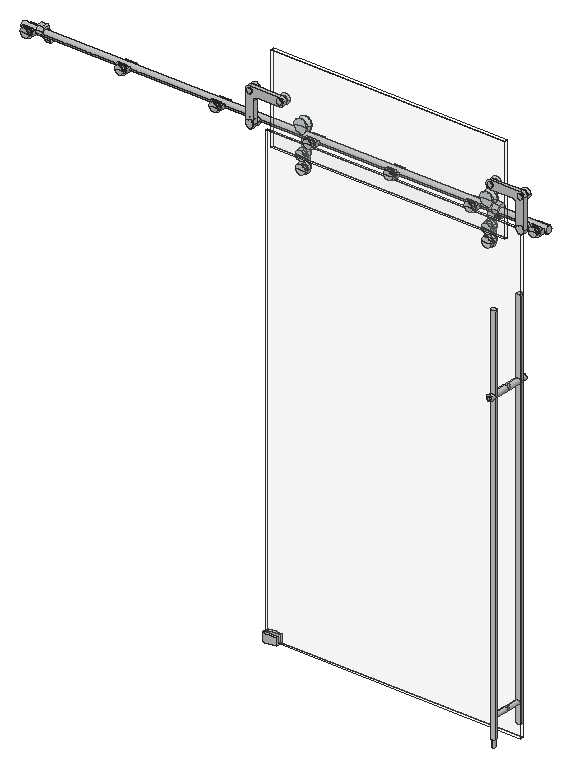
Revit family "Doors_Sliding_Avanti_Systems_Eclipse-Sliding-Single-Glass-Barn-Doors-Dbl-Glazed", category Doors, Revit 2015
Parameters (values of type "Load Family Type Catalog")
  Youtube clip = ""
  Weight Net (Kg) = "0"
  Warranty = "1 year"
  Uniformat II Description = "Interior Doors"
  Uniformat II Code = "C1020"
  Uniclass 2015 Name = "Sliding door and partition sets"
  Uniclass 2015 Code = "Pr_30_59_24_80"
  Uniclass 2.0 Description = "Sliding Door And Partition Sets"
  Uniclass 2.0 Code = "PR-59-23-77"
  Uniclass 1.4 Description = "Doors"
  Uniclass 1.4 Code = "JL20"
  URL = "www.avantisystemsusa.com"
  UNSPSC Code = "30171501"
  Transome Glass Width [instance] = 36 5/8"
  Transome Glass Height [instance] = 13 13/16"
  Transom Visibility [instance] = yes
  Type = 1
  Transom Height [instance] = 14"
  Thickness = if(Type = 1, 1/2", if(Type = 2, 3/8", if(Type = 3, 7/16", if(Type = 4, 9/16", 3/4"))))  # 1/2"
  Technical description = "https://www.avantisystemsusa.com/wp-content/uploads/products/16-barn-doors/specs/083213_fl.Sliding-Aluminum-Framed-Glass-Doors.Avanti.doc"
  Sound Rating = 0
  Region South America = "All"
  Region Oceania = "All"
  Region North America = "All"
  Region Middle East = "All"
  Region Europe = "All"
  Region Asia = "All"
  Region Antarctica = "All"
  Region Africa = "All"
  QR code = "http://bimobject.com/avantisystems/product/avanti-eclipse"
  Product url = "https://www.avantisystemsusa.com/glass-products/doors/sliding-doors/barn-doors/"
  Product group = "Barn Doors"
  Product family = "Sliding Doors"
  Product data url = "https://bimobject.com/avantisystems/product/avanti-eclipse"
  Product certification = ""
  Product SKU = "avanti-eclipse"
  Product Guid = "7da51ade-73dc-45b6-9d79-ccbd2e6c1290"
  Opening Width [instance] = 37"
  OmniClass Description = "Sliding All Glass Doors"
  OmniClass Code = "23-17 11 23 13"
  Nominal width = 0"
  Nominal height = 0"
  NBS Reference Description = "Sliding Door And Partition Sets"
  NBS Reference Code = "59-23-77"
  Model = "Eclipse™ Sliding Glass Barn Doors"  # constant formula
  Material secondary = "Aluminium"
  Material main = "Glass"
  Masterformat 2014 Description = "Sliding Aluminum-Framed Glass Doors"
  Masterformat 2014 Code = "08 32 13"
  Manufacturer name = "Avanti Systems"
  Manufacturer country = ""
  Manufacturer = "Avanti Systems USA"  # constant formula
  Lock = "Thumb turn floor lock with a key"
  Ladder Pull Height [instance] = 18"
  LEED compatibility = "YES"
  L-Bracket Placement [instance] = (Opening Width / 2) + 1 23/64"  # 19 55/64"
  Installation instructions = ""
  IFC Classification = "Door"
  Hinge Placement 7 [instance] = (Opening Width / 2) + 38 89/256"  # 56 217/256"
  Hinge Placement 6 [instance] = (Opening Width / 2) + 37 31/128"  # 55 95/128"
  Hinge Placement 5 [instance] = (Opening Width / 2) + 23 149/256"  # 42 21/256"
  Hinge Placement 4 [instance] = (Opening Width / 2) + 8 105/128"  # 27 41/128"
  Hinge Placement 3 [instance] = (Opening Width / 2) + 4 3/32"  # 22 19/32"
  Hinge Placement 2 [instance] = (Opening Width / 2) - 2 11/128"  # 16 53/128"
  Hinge Placement 1 [instance] = (Opening Width / 2) - 5 121/128"  # 12 71/128"
  Hinge Placement [instance] = (Opening Width / 2) - 3 125/128"  # 14 67/128"
  Hardware material [instance] = Stainless Steel - Avanti- Brushed Finish
  Handle type [instance] = Handle : 60" Ladder Pull
  Glazing = "Safety Glazing SGCC"
  Glass Width [instance] = 40"
  Glass Material = Glass - Avanti - Laminated Glass
  Glass Marker = yes
  Glass Height [instance] = 71 5/16"
  Gap Thickness = if(Type = 1, 71/128", if(Type = 2, 87/128", if(Type = 3, 79/128", if(Type = 4, 63/128", 39/128"))))  # 71/128"
  Function = Interior
  Edition number = 1
  EAN code = ""
  Design country = "United States"
  Description = "The Barn Sliding Glass Door is our standard interior manual sliding glass door which can be integrated into the Solare™Frameless, Elite™Freestanding Partition System as well as a solid traditional wall to add a touch of modern style to any entryway."  # constant formula
  Date of publishing = ""
  Clear Anodic Finish = "AAMA 611, AA-M12c22A31, Class II, 0.01mm or thicker"
  COBIe Type Category = ""
  Brand url = "http://www.avantisystemsusa.com/"
  Bolt Length = Thickness + 69/128"  # 1 5/128"
  BIMobject main category code = "doors"
  BIMobject main category = "Doors"
  BIMobject category code = "doors-sliding"
  BIMobject category = "Sliding"
  Analytic Construction = "<None>"
Reference planes (in)
  plane 1 "Center (Front/Back)": y = 0
  plane 2: z = 0
  plane 3 "Center (Left/Right)": x = 3.24894
  plane 4: x = -15.25106
  plane 5: x = 21.74894
  plane 6 "Top": z = 84
  plane 7 "Curtain_wall_center": y = 1.4375
  plane 8 "Curtain_wall_exterior": y = 1.6875
  plane 9 "Curtain_wall_interior": y = 1.1875
  plane 10 "Top_panel_height": z = 70
  plane 11 "Doors_exterior": y = 2.74219
  plane 12 "Doors_center": y = 2.49219
  plane 13 "Doors_interior": y = 2.24219
  plane 14 "Door_offset_left": x = -16.75106
  plane 15 "Door_offset_right": x = 23.24894
  plane 16 "Door_offset_top": z = 71.5
  plane 17 "Handle_placement_top": z = 18
  plane 18 "Handle_placement_level": x = 20.74894
  plane 19: x = -14.76823
  plane 20: z = 0.1875
  plane 21: x = 21.56144
  plane 22: x = -15.06356
  plane 23: z = 83.8125
  plane 24: z = 35.75
  plane 25: z = 71.75
Forms (in)
  Extrusion 1, solid, material "Glass - Avanti - Laminated Glass" <- "Glass Material", visible <- "Transom Visibility"
    sketch origin (0, 0, 0) x (1, 0, 0) y (0, 1, 0)
      loop
        line (-15.06356, 1.6875) -> (-15.06356, 1.1875) -> (21.56144, 1.1875) -> (21.56144, 1.6875) -> (-15.06356, 1.6875)
    from 70 to 83.8125
  Extrusion 2, solid, material "Glass - Avanti - Laminated Glass" <- "Glass Material"
    sketch origin (0, 0, 0) x (1, 0, 0) y (0, 1, 0)
      loop
        line (-16.75106, 2.74219) -> (-16.75106, 2.24219) -> (23.24894, 2.24219) -> (23.24894, 2.74219) -> (-16.75106, 2.74219)
    from 0.1875 to 71.5
  Extrusion 3, solid, material "Stainless Steel - Avanti- Brushed Finish" <- "Hardware material"
    sketch origin (0, 0, 0) x (1, 0, 0) y (0, 1, 0)
      loop
        arc (-17.01409, 1.97625) -> (-15.89116, 1.77392) -> (-14.76823, 1.97625) r 3.2173
        line (-14.76823, 1.97625) -> (-14.76823, 3.00813)
        arc (-14.76823, 3.00813) -> (-15.89116, 3.20334) -> (-17.01409, 3.00813) r 3.32736
        line (-17.01409, 3.00813) -> (-17.01409, 1.97625)
    from 0 to 1.21575
  Extrusion 4, void
    sketch origin (3.24894, 0, 0) x (0, 1, 0) y (0, 0, 1)
      loop
        line (2.74219, 1.21575) -> (2.24219, 1.21575) -> (2.24219, 0.15191) -> (2.74219, 0.15191) -> (2.74219, 1.21575)
    from -20.26303 to -18.01717
Cuts and joins
  Extrusion 4 cuts Extrusion 3
Lines and regions (in)
  symbolic lines, style "0"
    curve 1: line (-17.01409, 1.97625, 0) -> (-17.01409, 3.00813, 0)
    curve 2: line (-14.76823, 1.97625, 0) -> (-14.76823, 3.00813, 0)
    curve 3: circle (-16.75106, 2.49219, 0) r 0.22256 normal (0, 0, 1)
    curve 4: circle (-16.75106, 2.49219, 0) r 0.13151 normal (0, 0, 1)
    curve 5: circle (-15.03126, 2.49219, 0) r 0.22256 normal (0, 0, 1)
    curve 6: circle (-15.03126, 2.49219, 0) r 0.13151 normal (0, 0, 1)
    curve 7: arc (-15.42624, 2.11788, 0) -> (-15.29429, 2.49219, 0) -> (-15.42624, 2.8665, 0) r 0.59687
    curve 8: arc (-16.35608, 2.8665, 0) -> (-16.48803, 2.49219, 0) -> (-16.35608, 2.11788, 0) r 0.59687
    curve 9: line (-14.76823, 2.8665, 0) -> (-17.01409, 2.8665, 0)
    curve 10: line (-14.76823, 2.11788, 0) -> (-17.01409, 2.11788, 0)
    curve 21: arc (-14.76823, 1.97625, 0) -> (-15.89116, 1.77392, 0) -> (-17.01409, 1.97625, 0) r 3.2173
    curve 35: line (-14.76823, 2.24219, 0) -> (23.24894, 2.24219, 0)
    curve 36: line (23.24894, 2.24219, 0) -> (23.24894, 2.74219, 0)
    curve 37: line (-14.76823, 2.74219, 0) -> (23.24894, 2.74219, 0)
    curve 38: line (3.24894, 1.6875, 84) -> (3.24894, 1.1875, 84)
    curve 39: line (3.24894, 1.6875, 70) -> (3.24894, 1.6875, 84)
    curve 40: line (3.24894, 1.1875, 84) -> (3.24894, 1.1875, 70)
    curve 41: line (3.24894, 2.74219, 0.15191) -> (3.24894, 2.74219, 71.5)
    curve 42: line (3.24894, 2.24219, 0.15191) -> (3.24894, 2.74219, 0.15191)
    curve 43: line (3.24894, 2.24219, 71.5) -> (3.24894, 2.24219, 0.15191)
  symbolic lines, style "0", not visible
    curve 11: line (-11.39483, 5.69093, 0) -> (-11.39483, 4.65905, 0)
    curve 12: line (-13.64069, 5.69093, 0) -> (-13.64069, 4.65905, 0)
    curve 13: circle (-11.65786, 5.17499, 0) r 0.22256 normal (0, 0, 1)
    curve 14: circle (-11.65786, 5.17499, 0) r 0.13151 normal (0, 0, 1)
    curve 15: circle (-13.37767, 5.17499, 0) r 0.22256 normal (0, 0, 1)
    curve 16: circle (-13.37767, 5.17499, 0) r 0.13151 normal (0, 0, 1)
    curve 17: arc (-12.98268, 5.5493, 0) -> (-13.11464, 5.17499, 0) -> (-12.98268, 4.80068, 0) r 0.59687
    curve 18: arc (-12.05285, 4.80068, 0) -> (-11.92089, 5.17499, 0) -> (-12.05285, 5.5493, 0) r 0.59687
    curve 19: line (-13.64069, 4.80068, 0) -> (-11.39483, 4.80068, 0)
    curve 20: line (-13.64069, 5.5493, 0) -> (-11.39483, 5.5493, 0)
    curve 22: arc (-13.64069, 5.69093, 0) -> (-12.51776, 5.89326, 0) -> (-11.39483, 5.69093, 0) r 3.2173
  symbolic lines, style "0", detail levels medium+fine
    curve 23: circle (20.74894, 5.0161, 0) r 0.39445 normal (0, 0, 1)
    curve 24: line (20.43894, 4.77219, 0) -> (20.43894, 2.74219, 0)
    curve 25: line (21.06195, 4.77606, 0) -> (21.06195, 2.74219, 0)
    curve 26: circle (20.74894, -0.03172, 0) r 0.39445 normal (0, 0, -1)
    curve 27: line (20.43894, 0.21218, 0) -> (20.43894, 2.24219, 0)
    curve 28: line (21.06195, 0.20831, 0) -> (21.06195, 2.24219, 0)
  symbolic lines, style "0", not visible, detail levels medium+fine
    curve 29: circle (20.74894, 4.89891, 0) r 0.39445 normal (0, 0, 1)
    curve 30: line (20.43894, 4.65501, 0) -> (20.43894, 2.625, 0)
    curve 31: line (21.06195, 4.65887, 0) -> (21.06195, 2.625, 0)
    curve 32: circle (20.74894, -0.14891, 0) r 0.39445 normal (0, 0, -1)
    curve 33: line (20.43894, 0.09499, 0) -> (20.43894, 2.125, 0)
    curve 34: line (21.06195, 0.09113, 0) -> (21.06195, 2.125, 0)
  symbolic lines, visible <- "Glass Marker"
    curve 44: line (0.42051, -0.24998, 32.92157) -> (6.07737, -0.24998, 38.57843)
    curve 45: line (3.24894, -0.24998, 33.90204) -> (5.0969, -0.24998, 35.75)
    curve 46: line (1.40098, -0.24998, 35.75) -> (3.24894, -0.24998, 37.59796)
  symbolic lines, not visible
    curve 47: line (1.40098, 0.25002, 35.75) -> (5.0969, 0.25002, 35.75)
    curve 52: line (-1.84534, 0.25002, 22.66367) -> (1.85057, 0.25002, 22.66367)
    curve 54: line (-16.88257, 2.49219, 0) -> (-16.61954, 2.49219, 0)
    curve 55: line (-11.52635, 5.17499, 0) -> (-11.78938, 5.17499, 0)
    curve 57: arc (-13.64069, 4.65905, 0) -> (-12.51776, 4.46383, 0) -> (-11.39483, 4.65905, 0) r 3.32736
  model lines, not visible
    curve 48: line (3.24894, 0.25002, 33.90204) -> (3.24894, 0.25002, 37.59796)
    curve 53: line (0.00262, 0.25002, 20.81572) -> (0.00262, 0.25002, 24.51163)
  symbolic lines, visible <- "Glass Marker", not visible
    curve 49: line (-2.82581, -0.24998, 19.83525) -> (2.83104, -0.24998, 25.4921)
    curve 50: line (0.00262, -0.24998, 20.81572) -> (1.85057, -0.24998, 22.66367)
    curve 51: line (-1.84534, -0.24998, 22.66367) -> (0.00262, -0.24998, 24.51163)
  symbolic lines
    curve 56: arc (-14.76823, 3.00813, 0) -> (-15.89116, 3.20334, 0) -> (-17.01409, 3.00813, 0) r 3.32736
Text (in)
  text "Exterior" at (-45.72835, 31.38743, 0), in view "Ref. Level"
Dimensions and locks (in)
  equal spacing: plane 4, plane 3 "Center (Left/Right)", plane 5  (x2)
  equal spacing: plane 8 "Curtain_wall_exterior", plane 7 "Curtain_wall_center", plane 9 "Curtain_wall_interior"
  equal spacing: plane 11 "Doors_exterior", plane 12 "Doors_center", plane 13 "Doors_interior"
  "Gap Thickness": plane 13 "Doors_interior" to plane 8 "Curtain_wall_exterior"
  locked: plane 10 "Top_panel_height" to plane 16 "Door_offset_top" at 1.5
  locked: plane 5 to plane 15 "Door_offset_right" at 1.5
  locked: plane 14 "Door_offset_left" to plane 4 at 1.5
  "Thickness": plane 11 "Doors_exterior" to plane 13 "Doors_interior"
  "Thickness": plane 8 "Curtain_wall_exterior" to plane 9 "Curtain_wall_interior"
  "Ladder Pull Height": plane 2 to plane 17 "Handle_placement_top"
  locked: plane 18 "Handle_placement_level" to plane 15 "Door_offset_right" at 2.5
  equal spacing: plane 14 "Door_offset_left", plane 3 "Center (Left/Right)", plane 15 "Door_offset_right"
  "Opening Width": plane 4 to plane 5
  locked: plane 4 to plane 19 at 0.48283
  locked: plane 18 "Handle_placement_level" to curve 25 at 0.31301
  locked: plane 18 "Handle_placement_level" to curve 28 at 0.31301
  locked: plane 2 to plane 20 at 0.1875
  "Transom Height": plane 10 "Top_panel_height" to plane 6 "Top"
  Extrusion 2 to Extrusion 2 = 1/2"
  plane 8 "Curtain_wall_exterior" to plane 9 "Curtain_wall_interior" = 1/2"
  plane 11 "Doors_exterior" to plane 13 "Doors_interior" = 1/2"
  locked: plane 23 to plane 6 "Top" at 0.1875
  locked: plane 21 to plane 5 at 0.1875
  locked: plane 22 to plane 4 at 0.1875
  locked: plane 1 "Center (Front/Back)" to plane 7 "Curtain_wall_center" at 1.4375
  equal spacing: plane 2, plane 24, plane 16 "Door_offset_top"
  "Transome Glass Width": plane 21 to plane 22
  "Transome Glass Height": plane 10 "Top_panel_height" to plane 23
  "Glass Height": plane 20 to plane 16 "Door_offset_top"
  "Glass Width": plane 14 "Door_offset_left" to plane 15 "Door_offset_right"
  locked: nested 1 to plane 5 at 3.97518
  locked: nested 1 to plane 4 at 3.97518
  locked: plane 24 to nested 3 at 7
  curve 9 to nested 2 = 2 113/128"
  locked: plane 25 to plane 16 "Door_offset_top" at 0.25
  aligned and locked: level to plane 2
  aligned and locked: Extrusion 1 sketch curve to plane 8 "Curtain_wall_exterior"
  aligned and locked: plane 9 "Curtain_wall_interior" to Extrusion 1 sketch curve
  aligned and locked: Extrusion 2 sketch curve to plane 11 "Doors_exterior"
  aligned and locked: Extrusion 2 sketch curve to plane 14 "Door_offset_left"
  aligned and locked: plane 13 "Doors_interior" to Extrusion 2 sketch curve
  aligned and locked: plane 15 "Door_offset_right" to Extrusion 2 sketch curve
  aligned and locked: plane 16 "Door_offset_top" to Extrusion 2
  aligned and locked: curve 2 to plane 19
  aligned and locked: plane 11 "Doors_exterior" to curve 25
  aligned and locked: plane 11 "Doors_exterior" to curve 24
  aligned and locked: plane 13 "Doors_interior" to curve 28
  aligned and locked: plane 13 "Doors_interior" to curve 27
  aligned and locked: plane 11 "Doors_exterior" to Extrusion 4 sketch curve
  aligned and locked: Extrusion 4 sketch curve to plane 13 "Doors_interior"
  aligned and locked: Extrusion 3 to Extrusion 4 sketch curve
  aligned and locked: nested 1 to Extrusion 2
  aligned and locked: curve 41 to Extrusion 2
  aligned and locked: curve 42 to cut or joined group of Extrusion 3, Extrusion 4
  aligned and locked: curve 43 to cut or joined group of Extrusion 3, Extrusion 4
  aligned and locked: cut or joined group of Extrusion 3, Extrusion 4 to plane 2
  aligned and locked: Extrusion 2 to plane 20
  aligned and locked: Extrusion 1 to plane 10 "Top_panel_height"
  aligned and locked: plane 21 to Extrusion 1
  aligned and locked: Extrusion 1 to plane 23
  aligned and locked: Extrusion 1 to plane 22
  aligned and locked: curve 47 to plane 24
  aligned and locked: plane 3 "Center (Left/Right)" to curve 48
  aligned and locked: plane 3 "Center (Left/Right)" to nested 2
  aligned and locked: plane 3 "Center (Left/Right)" to nested 1
  aligned and locked: plane 10 "Top_panel_height" to Extrusion 1
  aligned and locked: nested 1 to plane 3 "Center (Left/Right)"  (x3)
  aligned and locked: plane 3 "Center (Left/Right)" to nested 3
  aligned and locked: plane 11 "Doors_exterior" to Extrusion 2
  aligned and locked: Extrusion 2 to plane 13 "Doors_interior"
  aligned and locked: nested 1 to plane 25
  aligned and locked: plane 18 "Handle_placement_level" to nested 4
  aligned and locked: plane 2 to nested 4
  aligned and locked: plane 11 "Doors_exterior" to nested 4
Automatic sketch dimensions
  curve 35 to plane 13 "Doors_interior" = 0"
  curve 35 to plane 19 = 0"
  curve 37 to plane 11 "Doors_exterior" = 0"
  curve 37 to plane 19 = 0"
  Extrusion 3 sketch curve to plane 19 = 0"
  plane 4 to Extrusion 3 sketch curve = 0.6401"  (x2)
  plane 1 "Center (Front/Back)" to Extrusion 3 sketch curve = 0.12403"
  plane 14 "Door_offset_left" to Extrusion 3 sketch curve = 0.26303"
  Extrusion 3 sketch curve to plane 13 "Doors_interior" = 0.26594"
  plane 11 "Doors_exterior" to Extrusion 3 sketch curve = 0.26594"
  plane 11 "Doors_exterior" to Extrusion 3 sketch curve = 2.24903"
  level to Extrusion 4 sketch curve = 0.15191"
  curve 40 to plane 9 "Curtain_wall_interior" = 0"
  plane 5 to Extrusion 1 sketch curve = 3/16"
  Extrusion 1 sketch curve to plane 4 = 3/16"
  curve 39 to plane 8 "Curtain_wall_exterior" = 0"
  curve 40 to plane 10 "Top_panel_height" = 0"
  curve 39 to plane 10 "Top_panel_height" = 0"
  curve 43 to plane 16 "Door_offset_top" = 0"
  curve 41 to plane 16 "Door_offset_top" = 0"
  plane 6 "Top" to curve 39 = 0"
  curve 36 to plane 15 "Door_offset_right" = 0"
  curve 3 to curve 4 = 0"  (x4)
  curve 5 to curve 6 = 0"  (x4)
  curve 7 to curve 8 = 0"  (x4)
  curve 9 to curve 5 = 0.26303"
  curve 5 to curve 8 = 0.8599"
  curve 2 to curve 21 = 1.12293"
  curve 7 to curve 4 = 0.8599"
  curve 3 to curve 1 = 0.26303"
  curve 21 to curve 2 = 1.98308"
  curve 1 to curve 4 = 0.51594"
  curve 3 to curve 7 = 0"
  curve 2 to curve 6 = 0.51594"
  curve 3 to curve 1 = 0.51594"
  curve 21 to curve 56 = 2.10027"
  curve 5 to curve 7 = 0.39498"  (x2)
  curve 8 to curve 3 = 0.39498"
  curve 54 to curve 3 = 0.13151"
  curve 56 to curve 9 = 0.14163"
  curve 3 to curve 54 = 0"
  curve 1 to curve 5 = 0.51594"
  curve 13 to curve 14 = 0"  (x4)
  curve 15 to curve 16 = 0"  (x4)
  curve 17 to curve 18 = 0"  (x4)
  curve 19 to curve 15 = 0.26303"
  curve 15 to curve 18 = 0.8599"
  curve 12 to curve 22 = 1.12293"
  curve 17 to curve 14 = 0.8599"
  curve 13 to curve 11 = 0.26303"
  curve 22 to curve 12 = 1.98308"
  curve 11 to curve 14 = 0.51594"
  curve 13 to curve 17 = 0"
  curve 12 to curve 16 = 0.51594"
  curve 13 to curve 11 = 0.51594"
  curve 22 to curve 57 = 2.10027"
  curve 15 to curve 17 = 0.39498"  (x2)
  curve 18 to curve 13 = 0.39498"
  curve 55 to curve 13 = 0.13151"
  curve 57 to curve 19 = 0.14163"
  curve 13 to curve 55 = 0"
  curve 11 to curve 15 = 0.51594"
  radius of curve 3 = 0.22256"
  radius of curve 5 = 0.22256"
  radius of curve 6 = 0.13151"
  radius of curve 13 = 0.22256"
  radius of curve 15 = 0.22256"
  radius of curve 16 = 0.13151"
Nested families (in)
  nested 1: "Trolley" at (3.24894, 2.74219, 72.70708), type "Trolley"
  nested 2: "Arrow" at (3.24894, 5.74931, 0), type "arrow"
  nested 3: "Arrow" at (3.24894, 0, 42.75) x (1, 0, 0) z (0, -1, 0), type "arrow"
  nested 4: "Handle" at (22.37394, 4.11719, 38) x (-1, 0, 0) z (0, 1, 0), type <- "Handle type", type "60" Ladder Pull", detail levels medium+fine
    with Locker yes
Definition of nested family "Trolley"
  Parameters (values of type "Trolley")
    Thickness = 1/2"
    Opening Width Controller = if(Opening Width > 60", 60", Opening Width)  # 37.0024"
    Opening Width = 37.0024"
    L-Bracket Placement = (Opening Width / 2) + 2"  # 20.5012"
    L offset = 0"
    Hinge Placement 7 = (Opening Width / 2) + 38.34646"  # 56 217/256"
    Hinge Placement 6 = (Opening Width / 2) + 37.24409"  # 55.74529"
    Hinge Placement 5 = (Opening Width / 2) + 23.58268"  # 42.08388"
    Hinge Placement 4 = (Opening Width / 2) + 8.8189"  # 27.3201"
    Hinge Placement 3 = (Opening Width / 2) + 4.09449"  # 22.59569"
    Hinge Placement 2 = (Opening Width / 2) - 2.08661"  # 16.41459"
    Hinge Placement 1 = (Opening Width / 2) - 5.94488"  # 12.55632"
    Hinge Placement = (Opening Width / 2) - 3.97638"  # 14.52482"
    Assembly material = none
  Reference planes (in)
    plane 1 "Center (Front/Back)": y = 0
    plane 2: z = 0
    plane 3 "Center (Left/Right)": x = 0
    plane 4: x = -56.84766
    plane 5: x = -58.20174
    plane 6: x = -55.74529
    plane 7: x = -42.08388
    plane 8: x = -27.3201
    plane 9: x = -14.52482
    plane 10: x = -12.55632
    plane 11: x = 12.55632
    plane 12: x = 14.52482
    plane 13: x = 16.41459
    plane 14: x = 22.59569
    plane 15: x = 23.9375
    plane 16: x = -21.25984
    plane 17: x = 15.74256
    plane 18 "L Bracket-left": x = -20.5012
    plane 19 "L Bracket Right": x = 20.5012
    plane 20: y = 1.43605
    plane 21: y = 1.56496
    plane 22: y = 0.93605
  Forms (in)
    Extrusion 1, solid, material <- "Assembly material"
      sketch origin (0, 0, 0) x (0, 1, 0) y (0, 0, 1)
        loop
          circle (0, 0) r 0.46875
      from -58.20174 to 23.9375
  Lines and regions (in)
    model lines
      curve 1: line (29.94202, 89.953, 0) -> (29.94202, 89.86638, 0)
    reference lines
      curve 2: line (-14.52482, 0, -0.95708) -> (14.52482, 0, -0.95708)
      curve 3: line (0, -0.6125, 0) -> (0, 7.1375, 0)
  Text (in)
    text "2 5/16\"" at (40.39029, -38.4786, -0.89539), in view "Front"
  Dimensions and locks (in)
    "Opening Width": plane 16 to plane 17
    "Hinge Placement": plane 9 to plane 3 "Center (Left/Right)"
    "Hinge Placement": plane 3 "Center (Left/Right)" to plane 12
    "Hinge Placement 1": plane 10 to plane 3 "Center (Left/Right)"
    "Hinge Placement 1": plane 3 "Center (Left/Right)" to plane 11
    "Hinge Placement 2": plane 3 "Center (Left/Right)" to plane 13
    "Hinge Placement 3": plane 3 "Center (Left/Right)" to plane 14
    "Hinge Placement 4": plane 8 to plane 3 "Center (Left/Right)"
    "Hinge Placement 5": plane 7 to plane 3 "Center (Left/Right)"
    "Hinge Placement 6": plane 6 to plane 3 "Center (Left/Right)"
    "Hinge Placement 7": plane 4 to plane 3 "Center (Left/Right)"
    locked: plane 5 to plane 4 at 1.35409
    locked: plane 14 to plane 15 at 1.34181
    equal spacing: plane 10, plane 3 "Center (Left/Right)", plane 11
    nested 8 to nested 12 = 0.06316"
    "L-Bracket Placement": plane 18 "L Bracket-left" to plane 3 "Center (Left/Right)"
    "L-Bracket Placement": plane 3 "Center (Left/Right)" to plane 19 "L Bracket Right"
    locked: plane 1 "Center (Front/Back)" to plane 22 at 0.93605
    locked: plane 21 to plane 20 at 0.12891
    "Thickness": plane 20 to plane 22
    aligned and locked: level to plane 2
    aligned and locked: plane 5 to Extrusion 1
    aligned and locked: plane 15 to Extrusion 1
    aligned and locked: plane 14 to nested 8
    aligned and locked: plane 13 to nested 10
    aligned and locked: plane 12 to nested 11
    aligned and locked: plane 11 to nested 7
    aligned and locked: plane 3 "Center (Left/Right)" to nested 6
    aligned and locked: plane 9 to nested 2
    aligned and locked: plane 8 to nested 4
    aligned and locked: plane 7 to nested 3
    aligned and locked: plane 6 to nested 9
    aligned and locked: plane 4 to nested 1
    aligned and locked: Extrusion 1 to plane 5
    aligned and locked: nested 6 to curve 3
    aligned and locked: plane 18 "L Bracket-left" to nested 13
    aligned and locked: plane 19 "L Bracket Right" to nested 12
    aligned and locked: nested 3 to plane 21
    aligned and locked: nested 1 to plane 21
    aligned and locked: nested 4 to plane 21
    aligned and locked: nested 6 to plane 21
    aligned and locked: nested 8 to plane 21
    aligned and locked: plane 21 to nested 12  (x2)
    aligned and locked: nested 7 to plane 21
    aligned and locked: nested 5 to plane 10
  Automatic sketch dimensions
    Extrusion 1 sketch curve to level = 0"
    Extrusion 1 sketch curve to plane 1 "Center (Front/Back)" = 0"
    curve 1 to plane 15 = 6.00452"
    curve 1 to curve 1 = 0.08662"
    curve 1 to plane 1 "Center (Front/Back)" = 89.86638"
    plane 9 to curve 2 = 0"
    plane 12 to curve 2 = 0"
    curve 2 to level = 0.95708"
    curve 3 to plane 3 "Center (Left/Right)" = 0"
    plane 1 "Center (Front/Back)" to curve 3 = 0.6125"
    curve 3 to plane 1 "Center (Front/Back)" = 7.1375"
    radius of Extrusion 1 sketch curve = 15/32"
  Nested families (in)
    nested 1: "slider_1" at (-56.84766, 0.44185, -0.08881), type "slider_1"
    nested 2: "slider" at (-14.52482, 0.48819, -1.97483), type "slider"
    nested 3: "slider_1" at (-42.08388, 0.44185, -0.08881), type "slider_1"
    nested 4: "slider_1" at (-27.3201, 0.44185, -0.08881), type "slider_1"
    nested 5: "slider_1" at (-12.55632, 0.50501, -0.08881), type "slider_1"
    nested 6: "slider_1" at (0, 0.44185, -0.08881), type "slider_1"
    nested 7: "slider_1" at (12.55632, 0.44185, -0.08881), type "slider_1"
    nested 8: "slider_1" at (22.59569, 0.44185, -0.08881), type "slider_1"
    nested 9: "slider_2" at (-54.27178, 0, 0) x (-1, 0, 0) z (0, 0, 1), type "slider_2"
    nested 10: "slider_2" at (14.94108, 0, 0), type "slider_2"
    nested 11: "slider" at (14.52482, 0.48819, -1.97483), type "slider"
    nested 12: "Family1" at (20.5012, 2.15005, 0.64043), type "Family1"
    nested 13: "Family1" at (-20.5012, 2.15005, 0.64043) x (-1, 0, 0) z (0, 0, 1), type "Family1"
  Definition of nested family "slider_1"
    Parameters (values of type "slider_1")
      material = none
    Reference planes (in)
      plane 1 "Center (Front/Back)": y = 0
      plane 2: z = 0
      plane 3 "Center (Left/Right)": x = 0
    Forms (in)
      Extrusion 1, solid, material <- "material"
        sketch origin (0, 0, 0) x (1, 0, 0) y (0, 0, 1)
          loop
            line (0.61237, 0.625) -> (-0.61237, 0.625)
            arc (-0.61237, 0.625) -> (-0.74929, 0.45188) -> (-0.83853, 0.25) r 0.875
            arc (-0.83853, 0.25) -> (0, -0.875) -> (0.83853, 0.25) r 0.875
            arc (0.83853, 0.25) -> (0.74929, 0.45188) -> (0.61237, 0.625) r 0.875
        from -0.55469 to 1.23158
      Revolve 2, solid, material <- "material"
        sketch origin (0, 0, 0) x (1, 0, 0) y (0, 1, 0)
          loop
            line (0, 1.12311) -> (-0.63158, 1.12311) -> (-0.48947, 0.981) -> (-0.48947, 0.61785) -> (-0.61579, 0.61785) -> (-0.61579, 0.55469) -> (0, 0.55469) -> (0, 1.12311)
          axis (0, 0.55469) -> (0, 1.12311)
        angle from 0 to 360
      Extrusion 3, void
        sketch origin (0, 0, 0) x (0, 1, 0) y (0, 0, 1)
          loop
            line (0.41258, 0.64237) -> (-1.26118, 0.64237) -> (-1.26118, 0.26241) -> (0.41258, 0.26241) -> (0.41258, 0.64237)
        from -0.85732 to 0.86299
      Revolve 4, void
        sketch origin (0, 0, 0) x (0, 1, 0) y (0, 0, 1)
          loop
            line (-1.23158, -0.67352) -> (0.30206, -0.67352) -> (0.30206, -0.57878) -> (-1.01053, -0.57878) -> (-1.04211, -0.51562) -> (-1.23158, -0.51562) -> (-1.23158, -0.67352)
          axis (0.30206, -0.67352) -> (-1.23158, -0.67352)
        angle from 0 to 360
    Cuts and joins
      Extrusion 3, Revolve 4 cuts Extrusion 1
    Dimensions and locks (in)
      aligned and locked: level to plane 2
      aligned and locked: cut or joined group of Extrusion 1, Extrusion 3, Revolve 4 to Revolve 2
  Definition of nested family "slider"
    Parameters (values of type "slider")
      material = none
    Reference planes (in)
      plane 1 "Center (Front/Back)": y = 0
      plane 2: z = 0
      plane 3 "Center (Left/Right)": x = 0
    Forms (in)
      Revolve 1, solid, material <- "material"
        sketch origin (0, 0, -0.91608) x (1, 0, 0) y (0, 1, 0)
          loop
            line (0, -1.25406) -> (-0.56693, -1.25406) -> (-0.56693, -1.38004) -> (0, -1.38004) -> (0, -1.25406)
          loop
            line (0, 0.06169) -> (-0.69607, 0.06169) -> (-0.48819, -0.13217) -> (-0.48819, -0.49815) -> (-0.81008, -0.49815) -> (-0.85039, -0.53847) -> (-0.85039, -0.8761) -> (-0.73228, -0.95484) -> (0, -0.95484) -> (0, 0.06169)
          axis (0, 0.06169) -> (0, -1.38004)
        angle from 0 to 360
      Revolve 2, solid, material <- "material"
        sketch origin (0, 0, -2.8485) x (1, 0, 0) y (0, 1, 0)
          loop
            line (0, -1.25406) -> (-0.56693, -1.25406) -> (-0.56693, -1.38004) -> (0, -1.38004) -> (0, -1.25406)
          loop
            line (0, 0.06169) -> (-0.69607, 0.06169) -> (-0.48819, -0.13217) -> (-0.48819, -0.49815) -> (-0.81008, -0.49815) -> (-0.85039, -0.53847) -> (-0.85039, -0.8761) -> (-0.73228, -0.95484) -> (0, -0.95484) -> (0, 0.06169)
          axis (0, 0.06169) -> (0, -1.38004)
        angle from 0 to 360
      Revolve 3, solid, material <- "material"
        sketch origin (0, 0, 3.22031) x (1, 0, 0) y (0, 1, 0)
          loop
            line (0, -1.16535) -> (0, 0) -> (-0.99713, 0) -> (-0.99713, -0.06299)
            arc (-0.99713, -0.06299) -> (-0.77666, -0.48819) -> (-0.99713, -0.91339) r 0.52025
            line (-0.99713, -0.91339) -> (-0.99713, -0.97638) -> (-0.43771, -0.97638) -> (-0.43771, -1.16535) -> (0, -1.16535)
          axis (0, 0) -> (0, -1.16535)
        angle from 0 to 360
      Extrusion 4, solid, material <- "material"
        sketch origin (0, 0, 0) x (1, 0, 0) y (0, 0, 1)
          loop
            line (-0.49869, 3.22003) -> (-0.49869, -2.8485)
            arc (-0.49869, -2.8485) -> (0, -3.34718) -> (0.49869, -2.8485) r 0.49869
            line (0.49869, -2.8485) -> (0.49869, 3.22003)
            arc (0.49869, 3.22003) -> (0, 3.71872) -> (-0.49869, 3.22003) r 0.49869
        from 0.95484 to 1.25406
    Dimensions and locks (in)
      aligned and locked: level to plane 2
      aligned and locked: Extrusion 4 to Revolve 1
      aligned and locked: Revolve 1 to Extrusion 4
  Definition of nested family "slider_2"
    Parameters (values of type "slider_2")
      material = none
    Reference planes (in)
      plane 1 "Center (Front/Back)": y = 0
      plane 2: z = 0
      plane 3 "Center (Left/Right)": x = 0
    Forms (in)
      Extrusion 1, solid, material <- "material"
        sketch origin (0, 0, 0) x (0, 1, 0) y (0, 0, 1)
          loop
            line (0.28164, 0.90345) -> (-0.52142, 0.90345) -> (-0.95017, -0.50527) -> (-0.98988, -0.63576) -> (-0.98988, -1.37191)
            arc (-0.98988, -1.37191) -> (-0.75565, -1.60613) -> (-0.52143, -1.37191) r 0.23423
            line (-0.52143, -1.37191) -> (-0.52143, -0.63553) -> (0, -0.6023)
            arc (0, -0.6023) -> (0.50107, -0.30876) -> (0.56382, 0.26856) r 0.64585
            line (0.56382, 0.26856) -> (0.28164, 0.90345)
          loop
            circle (0, 0) r 0.53538
        from 0.28146 to 1.47351
      Extrusion 2, void
        sketch origin (0, 0, 0) x (1, 0, 0) y (0, 0, 1)
          loop
            line (1.47351, -0.68595) -> (0.88794, -1.60613) -> (1.47351, -1.60613) -> (1.47351, -0.68595)
        from 0.52143 to 0.98988
      Revolve 3, solid, material <- "material"
        sketch origin (0, -0.75565, -0.03677) x (1, 0, 0) y (0, 0, 1)
          loop
            line (0.28146, -0.6023) -> (0.28146, -0.37138) -> (0.23179, -0.37138) -> (0.23179, -0.4045) -> (0.09934, -0.4045)
            arc (0.09934, -0.4045) -> (0.02641, -0.49172) -> (0, -0.6023) r 0.24835
            line (0, -0.6023) -> (0.28146, -0.6023)
          axis (0, -0.6023) -> (0.28146, -0.6023)
        angle from 0 to 360
      Revolve 4, solid, material <- "material"
        sketch origin (0, -0.75565, -0.76873) x (1, 0, 0) y (0, 0, 1)
          loop
            line (0.28146, -0.6023) -> (0.28146, -0.37138) -> (0.23179, -0.37138) -> (0.23179, -0.4045) -> (0.09934, -0.4045)
            arc (0.09934, -0.4045) -> (0.02641, -0.49172) -> (0, -0.6023) r 0.24835
            line (0, -0.6023) -> (0.28146, -0.6023)
          axis (0, -0.6023) -> (0.28146, -0.6023)
        angle from 0 to 360
      Extrusion 5, void
        sketch origin (0, 0, 0) x (1, 0, 0) y (0, 0, 1)
          loop
            line (0.5298, -0.38097) -> (0.5298, 0.70478)
            arc (0.5298, 0.70478) -> (0.59682, 0.83643) -> (0.72848, 0.90345) r 0.23875
            line (0.72848, 0.90345) -> (0.72848, 0.94879) -> (0.23706, 0.94879) -> (0.23706, -0.38097) -> (0.5298, -0.38097)
        from -0.61891 to 0.98988
      Extrusion 6, void
        sketch origin (0, 0, 0) x (0, 1, 0) y (0, 0, 1)
          loop
            line (-0.52143, -0.63553) -> (0.44679, -0.63553) -> (0.44679, -0.38097) -> (-0.52143, -0.38097) -> (-0.52143, -0.63553)
        from 0.23179 to 0.5298
    Cuts and joins
      Extrusion 2, Extrusion 5, Extrusion 6 cuts Extrusion 1
    Lines and regions (in)
      model lines
        curve 1: arc (0.72848, 0, 0.90345) -> (0.59682, 0, 0.83643) -> (0.5298, 0, 0.70478) r 0.23875
        curve 2: line (0.28146, 0, -0.38097) -> (0.5298, 0, -0.38097)
        curve 3: line (0.5298, 0, -0.38097) -> (0.5298, 0, 0.70478)
    Dimensions and locks (in)
      aligned and locked: level to plane 2
      aligned and locked: Extrusion 5 to Extrusion 1
      aligned and locked: Extrusion 6 to curve 1
      aligned and locked: Extrusion 6 to Revolve 3
  Definition of nested family "Family1"
    Parameters (values of type "Family1")
      thickness = glass thickness + 1"  # 0.79832"
      material = none
      glass thickness = -0.20168"
      Bolt Offset = 1" / 32  # 1/32"
      Bolt Length = glass thickness + 69" / 128  # 0.33738"
    Reference planes (in)
      plane 1 "Center (Front/Back)": y = 0
      plane 2: z = 0
      plane 3 "Center (Left/Right)": x = 0
      plane 4: y = 0.03125
      plane 5: y = -0.94825
      plane 6: y = -0.58509
    Forms (in)
      Extrusion 1, solid, material <- "material"
        sketch origin (0, 0, 3.37077) x (1, 0, 0) y (0, 0, 1)
          loop
            arc (1.28337, 0.64168) -> (1.09542, 1.09542) -> (0.64168, 1.28337) r 0.64168
            line (0.64168, 1.28337) -> (-4.01245, 1.28337)
            arc (-4.01245, 1.28337) -> (-4.65413, 0.64168) -> (-4.01245, 0) r 0.64168
            line (-4.01245, 0) -> (-0.49479, 0)
            arc (-0.49479, 0) -> (-0.14492, -0.14492) -> (0, -0.49479) r 0.49479
            line (0, -0.49479) -> (0, -4.01245)
            arc (0, -4.01245) -> (0.64168, -4.65413) -> (1.28337, -4.01245) r 0.64168
            line (1.28337, -4.01245) -> (1.28337, 0.64168)
        from 0 to 0.52193
      Extrusion 2, solid, material <- "material"
        sketch origin (0, 0, 3.37077) x (1, 0, 0) y (0, 0, 1)
          loop
            circle (-4.01245, 0.64168) r 0.39168
          loop
            circle (0.64168, 0.64168) r 0.39063
        from -0.03125 to 0.52193
      Extrusion 3, solid, material <- "material"
        sketch origin (0, 0, 3.37077) x (1, 0, 0) y (0, 0, 1)
          loop
            circle (0.64168, -4.01245) r 0.57983
        from -0.03125 to 0.52193
      Revolve 4, solid, material <- "material"
        sketch origin (0.68974, 0.03275, -0.63057) x (0, -1, 0) y (1, 0, 0)
          loop
            line (1.22735, -0.05146) -> (0.55469, -0.05146) -> (0.55469, -0.61579) -> (0.61785, -0.61579) -> (0.61785, -0.48947) -> (0.981, -0.48947) -> (1.22735, -0.73582) -> (1.22735, -0.05146)
          axis (0.55469, -0.05146) -> (1.22735, -0.05146)
        angle from 0 to 360
      Revolve 5, solid, material <- "material"
        sketch origin (0.66826, 0.03275, 3.99644) x (1, 0, 0) y (0, 1, 0)
          loop
            line (-0.05146, -1.22735) -> (-0.05146, -0.55469) -> (-0.61579, -0.55469) -> (-0.61579, -0.61785) -> (-0.48947, -0.61785) -> (-0.48947, -0.981) -> (-0.73582, -1.22735) -> (-0.05146, -1.22735)
          axis (-0.05146, -0.55469) -> (-0.05146, -1.22735)
        angle from 0 to 360
      Revolve 6, solid, material <- "material"
        sketch origin (-4.05631, 0.03275, 4.01269) x (-1, 0, 0) y (0, -1, 0)
          loop
            line (-0.05146, 1.22735) -> (-0.73582, 1.22735) -> (-0.48947, 0.981) -> (-0.48947, 0.61785) -> (-0.61579, 0.61785) -> (-0.61579, 0.55469) -> (-0.05146, 0.55469) -> (-0.05146, 1.22735)
          axis (-0.05146, 0.55469) -> (-0.05146, 1.22735)
        angle from 0 to 360
    Dimensions and locks (in)
      "Bolt Offset": plane 1 "Center (Front/Back)" to plane 4
      aligned and locked: level to plane 2
      aligned and locked: Extrusion 2 to Extrusion 1
      aligned and locked: Revolve 4 to Extrusion 1
      aligned and locked: Extrusion 1 to Revolve 6
      aligned and locked: Revolve 5 to Extrusion 1
      aligned and locked: Revolve 5 sketch curve to Extrusion 1
      aligned and locked: Revolve 4 sketch curve to Extrusion 1
      aligned and locked: Extrusion 1 to Revolve 6 sketch curve
      aligned and locked: Revolve 4 to Revolve 6
      aligned and locked: Revolve 6 to Revolve 5
    Automatic sketch dimensions
      Extrusion 1 sketch curve to plane 3 "Center (Left/Right)" = 0"
      Extrusion 1 sketch curve to Extrusion 1 sketch curve = 0.49479"
      Extrusion 1 sketch curve to Extrusion 1 sketch curve = 3.51766"
      Extrusion 1 sketch curve to plane 3 "Center (Left/Right)" = 0.64168"  (x2)
      Extrusion 1 sketch curve to level = 4.65413"
      Extrusion 1 sketch curve to Extrusion 1 sketch curve = 0.64168"
      level to Extrusion 1 sketch curve = 0.64168"
      plane 3 "Center (Left/Right)" to Extrusion 2 sketch curve = 4.01245"
      Extrusion 2 sketch curve to plane 3 "Center (Left/Right)" = 0.64168"
      Extrusion 2 sketch curve to level = 4.01245"  (x2)
      Extrusion 3 sketch curve to plane 3 "Center (Left/Right)" = 0.64168"
      level to Extrusion 3 sketch curve = 0.64168"
      Revolve 4 sketch curve to plane 6 = 0"
      Revolve 4 sketch curve to plane 5 = 0"
      Revolve 4 sketch curve to plane 5 = 0.24635"
      Revolve 4 sketch curve to plane 3 "Center (Left/Right)" = 0.04608"
      plane 3 "Center (Left/Right)" to Revolve 4 sketch curve = 0.07395"
      Revolve 4 sketch curve to Revolve 4 sketch curve = 0.12632"
      Revolve 4 sketch curve to Revolve 4 sketch curve = 0.43802"
      Revolve 4 sketch curve to Revolve 4 sketch curve = 0"  (x2)
      Revolve 4 sketch curve to Revolve 4 sketch curve = 0.10424"
      Revolve 5 sketch curve to plane 6 = 0"
      Revolve 5 sketch curve to plane 5 = 0"
      Revolve 5 sketch curve to plane 3 "Center (Left/Right)" = 0.06756"
      plane 3 "Center (Left/Right)" to Revolve 5 sketch curve = 0.05247"
      Revolve 5 sketch curve to Revolve 5 sketch curve = 0.12632"
      Revolve 5 sketch curve to plane 5 = 0.24635"
      Revolve 5 sketch curve to Revolve 5 sketch curve = 0.43802"
      Revolve 5 sketch curve to Revolve 5 sketch curve = 0"  (x2)
      Revolve 5 sketch curve to Revolve 5 sketch curve = 0.10424"
      Revolve 6 sketch curve to plane 6 = 0"
      Revolve 6 sketch curve to plane 5 = 0"
      Revolve 6 sketch curve to plane 5 = 0.24635"
      Revolve 6 sketch curve to plane 3 "Center (Left/Right)" = 3.32049"
      Revolve 6 sketch curve to Revolve 6 sketch curve = 0.12003"
      Revolve 6 sketch curve to Revolve 6 sketch curve = 0.12632"
      Revolve 6 sketch curve to Revolve 6 sketch curve = 0.43802"
      Revolve 6 sketch curve to Revolve 6 sketch curve = 0"  (x2)
      Revolve 6 sketch curve to Revolve 6 sketch curve = 0.10424"
      radius of Extrusion 2 sketch curve = 0.39168"
      radius of Extrusion 2 sketch curve = 25/64"
      radius of Extrusion 3 sketch curve = 0.57983"
Definition of nested family "Handle"
  Parameters (values of type "48" Ladder Pull")
    Width = 54.28299"
    Type = 3
    Ladder Pool Height = 18"
    Ladder 60" = if(Type = 5, 1 = 1, 1 = 0)  # no
    Ladder = if(Type = 3, 1 = 1, 1 = 0)  # yes
    Thickness = 1/2"
    Panic hardware = if(Type = 4, 1 = 1, 1 = 0)  # no
    Material = none
    Locker [instance] = yes
    Height = 90 9/16"
    Glass door = if(Type = 2, 1 = 1, 1 = 0)  # no
    Framed door = if(Type = 1, 1 = 1, 1 = 0)  # no
    Default Elevation = 48"
  Types (2): name | Type | Ladder 60" | Ladder
    60" Ladder Pull | 5 | yes | no
    48" Ladder Pull | 3 | no | yes
  Reference planes (in)
    plane 1 "Center (Front/Back)": y = 0
    plane 2: z = 0
    plane 3 "Center (Left/Right)": x = 0
    plane 4 "door_up": z = -1.375
    plane 5 "door_down": z = -1.875
    plane 6: z = -3.25
    plane 7: x = -1.25
    plane 8: x = -43.31449
    plane 9: x = -46.03299
    plane 10: x = -43.31449
    plane 11: y = 51.9375
    plane 12: y = 0.625
    plane 13: y = 11.125
    plane 14: y = 52.5625
    plane 15: y = -38
    plane 16: x = -50.15799
    plane 17 "door": x = 4.125
    plane 18: x = 1.625
    plane 19: y = -20
  Forms (in)
    Sweep 1, solid, material <- "Material", visible <- "Panic hardware"
      path origin (0, 0, 0) x (1, 0, 0) y (0, 1, 0)
        loop
          line (-1.25, 51.9375) -> (-1.25, 4.25)
          arc (-1.25, 4.25) -> (-2.12868, 2.12868) -> (-4.25, 1.25) r 3
          line (-4.25, 1.25) -> (-43.31449, 1.25)
      profile origin (-1.25, 28.09375, 0) x (1, 0, 0) y (0, 0, 1)
        loop
          circle (0.625, 0.625) r 0.625
    Sweep 2, solid, material <- "Material", visible <- "Panic hardware"
      path origin (0, 0, 0) x (1, 0, 0) y (0, 0, 1)
        loop
          line (-43.31449, 0) -> (-44.06449, 0)
          arc (-44.06449, 0) -> (-44.57255, -0.21044) -> (-44.78299, -0.7185) r 0.7185
          line (-44.78299, -0.7185) -> (-44.78299, -1.375)
      profile origin (-43.68949, 0, 0) x (0, 0, -1) y (0, -1, 0)
        loop
          circle (-0.625, -0.625) r 0.625
    Sweep 3, solid, material <- "Material", visible <- "Panic hardware"
      path origin (0, 0, -6.75) x (1, 0, 0) y (0, 0, -1)
        loop
          line (-43.31449, -3.5) -> (-44.06449, -3.5)
          arc (-44.06449, -3.5) -> (-44.57255, -3.71044) -> (-44.78299, -4.2185) r 0.7185
          line (-44.78299, -4.2185) -> (-44.78299, -4.875)
      profile origin (-43.68949, 0, -3.25) x (0, 0, -1) y (0, -1, 0)
        loop
          circle (0.625, -0.625) r 0.625
    Sweep 4, solid, material <- "Material", visible <- "Panic hardware"
      path origin (-30, 0, -6.75) x (-1, 0, 0) y (0, 0, -1)
        loop
          line (13.31449, -3.5) -> (-28.0315, -3.5)
          arc (-28.0315, -3.5) -> (-28.53956, -3.71044) -> (-28.75, -4.2185) r 0.7185
          line (-28.75, -4.2185) -> (-28.75, -4.875)
      profile origin (-22.6415, 0, -3.25) x (0, 0, 1) y (0, -1, 0)
        loop
          circle (-0.625, -0.625) r 0.625
  Cuts and joins
    joined: Sweep 1, Sweep 2
    joined: Sweep 3, Sweep 4
  Dimensions and locks (in)
    "Thickness": plane 5 "door_down" to plane 4 "door_up"
    locked: plane 3 "Center (Left/Right)" to plane 7 at 1.25
    locked: plane 9 to plane 8 at 2.7185
    locked: plane 9 to Sweep 3 sketch curve at 1.25
    locked: Sweep 2 sketch curve to plane 9 at 1.25
    locked: plane 10 to plane 9 at 2.7185
    locked: Sweep 1 sketch curve to plane 1 "Center (Front/Back)" at 1.25
    locked: plane 3 "Center (Left/Right)" to nested 1 at 0.125
    locked: plane 4 "door_up" to plane 2 at 1.375
    locked: plane 6 to plane 5 "door_down" at 1.375
    locked: plane 12 to plane 1 "Center (Front/Back)" at 0.625
    locked: plane 13 to plane 12 at 10.5
    locked: plane 14 to plane 11 at 0.625
    "Height": plane 14 to plane 15
    locked: plane 1 "Center (Front/Back)" to plane 15 at 38
    locked: plane 3 "Center (Left/Right)" to plane 17 "door" at 4.125
    "Width": plane 16 to plane 17 "door"
    locked: plane 16 to plane 10 at 6.8435
    locked: plane 18 to plane 17 "door" at 2.5
    "Ladder Pool Height": plane 19 to plane 15
    aligned and locked: level to plane 2
    aligned and locked: plane 4 "door_up" to cut or joined group of Sweep 1, Sweep 2
    aligned and locked: Sweep 2 sketch curve to plane 4 "door_up"
    aligned and locked: Sweep 3 sketch curve to plane 5 "door_down"
    aligned and locked: plane 6 to Sweep 3 sketch curve
    aligned and locked: plane 7 to Sweep 4 sketch curve
    aligned and locked: Sweep 4 sketch curve to plane 6
    aligned and locked: plane 8 to Sweep 4 sketch curve
    aligned and locked: plane 8 to Sweep 3 sketch curve
    aligned and locked: plane 10 to Sweep 2 sketch curve
    aligned and locked: plane 10 to Sweep 1 sketch curve
    aligned and locked: plane 11 to Sweep 1 sketch curve
    aligned and locked: plane 5 "door_down" to Sweep 4 sketch curve
    aligned and locked: nested 1 to plane 4 "door_up"
    aligned and locked: plane 13 to nested 1
    aligned and locked: nested 2 to plane 4 "door_up"
    aligned and locked: plane 3 "Center (Left/Right)" to nested 2
    aligned and locked: nested 2 to plane 11
    aligned and locked: nested 2 to plane 14
    aligned and locked: plane 18 to nested 3
    aligned and locked: plane 1 "Center (Front/Back)" to nested 3
    aligned and locked: nested 4 to plane 18
    aligned and locked: nested 4 to plane 1 "Center (Front/Back)"
    aligned and locked: nested 5 to plane 4 "door_up"
    aligned and locked: nested 5 to plane 17 "door"
    aligned and locked: nested 5 to plane 1 "Center (Front/Back)"
    aligned and locked: nested 6 to plane 4 "door_up"
    aligned and locked: plane 5 "door_down" to nested 7
    aligned and locked: nested 7 to plane 19
    aligned and locked: plane 19 to nested 6
    aligned and locked: nested 6 to plane 18
    aligned and locked: nested 7 to plane 18
    aligned and locked: plane 4 "door_up" to nested 8
    aligned and locked: plane 15 to nested 8
    aligned and locked: plane 5 "door_down" to nested 9
    aligned and locked: nested 9 to plane 15
    aligned and locked: plane 18 to nested 8
    aligned and locked: plane 18 to nested 9
  Nested families (in)
    nested 1: "Family2" at (-1.125, 11.125, 0.22234), visible <- "Panic hardware", type "Family2"
      with Lock yes
    nested 2: "Family3" at (-0.26102, 51.9375, -1.63602), visible <- "Panic hardware", type "Family3"
      with Thickness 1/2"
    nested 3: "Handle Timber" at (1.625, 0, -1.875), Locker <- "Locker", visible <- "Framed door", type "Handle Timber"
      with Locker yes
    nested 4: "Handle Timber" at (1.625, 0, -1.375) x (1, 0, 0) z (0, 0, -1), Locker <- "Locker", visible <- "Framed door", type "Handle Timber"
      with Locker yes
    nested 5: "Hinged Framed Swing locker" at (3.22214, -1.5625, -5.625), Handle and assembly material <- "Material", visible <- "Glass door", type "Hinged Framed Swing locker"
      with Handle and assembly material none
    nested 6: "Handle_For-Glass_Rounded_600mm" at (1.625, 13.36577, -1.375) x (-1, 0, 0) z (0, 0, -1), Handle Material <- "Material", visible <- "Ladder", type "Handle_For-Glass_Rounded_600mm"
      with Handle Material none, Handle Height 48"
    nested 7: "Handle_For-Glass_Rounded_600mm" at (1.625, -5.36577, -1.875) x (-1, 0, 0) z (0, 0, 1), Handle Material <- "Material", visible <- "Ladder", type "Handle_For-Glass_Rounded_600mm"
      with Handle Material none, Handle Height 48"
    nested 8: "Handle_For-Glass_Rounded_60in" at (1.625, 2.47039, -1.375), visible <- "Ladder 60"", Handle Material <- "Material", type "60""
      with No locker yes, Locker no, Handle Material none, Handle Height 60"
    nested 9: "Handle_For-Glass_Rounded_60in2" at (1.625, 2.47039, -1.875), visible <- "Ladder 60"", Handle Material <- "Material", type "60""
      with No locker no, Locker yes, Handle Material none, Handle Height 60"
  Definition of nested family "Family2"
    Parameters (values of type "Family2")
      Thickness = 1/2"
      Material = none
      Lock = no
    Reference planes (in)
      plane 1 "Center (Front/Back)": y = 0
      plane 2: z = 0
      plane 3 "Center (Left/Right)": x = 0
      plane 4: z = -2.09734
      plane 5: z = -1.59734
    Forms (in)
      Extrusion 1, solid, material <- "Material"
        sketch origin (0, 0, 0) x (0, 1, 0) y (0, 0, 1)
          loop
            line (5.04078, -0.345) -> (5.04078, 0) -> (-2.39922, 0) -> (-2.39922, -0.345) -> (5.04078, -0.345)
        from 0 to 1
      Extrusion 2, solid, material <- "Material"
        sketch origin (0, 0, 0) x (0, 1, 0) y (0, 0, 1)
          loop
            line (-0.3074, -0.345) -> (-1.4374, -0.345) -> (-1.4374, -1.31734) -> (-0.3074, -1.31734) -> (-0.3074, -0.345)
        from 0.32565 to 0.66353
      Extrusion 3, solid, material <- "Material"
        sketch origin (0, 0, 0) x (0, 1, 0) y (0, 0, 1)
          loop
            line (-1.4374, -1.31734) -> (-1.4374, -1.59734) -> (1.43807, -1.59734) -> (1.43807, -1.31734) -> (-1.4374, -1.31734)
          loop
            line (1.45803, -2.09734) -> (-1.41697, -2.09734) -> (-1.41697, -3.82961)
            arc (-1.41697, -3.82961) -> (-1.36191, -3.96254) -> (-1.22897, -4.01761) r 0.188
            line (-1.22897, -4.01761) -> (1.27003, -4.01761)
            arc (1.27003, -4.01761) -> (1.40297, -3.96254) -> (1.45803, -3.82961) r 0.188
            line (1.45803, -3.82961) -> (1.45803, -2.09734)
        from 0 to 1
      Extrusion 4, solid, material <- "Material"
        sketch origin (0, 0, 0) x (0, 1, 0) y (0, 0, 1)
          loop
            arc (-3.2641, -0.65221) -> (-3.242, -0.64306) -> (-3.23285, -0.62096) r 0.03125
            line (-3.23285, -0.62096) -> (-3.23285, 0) -> (-3.4516, 0) -> (-3.4516, -0.62096)
            arc (-3.4516, -0.62096) -> (-3.44244, -0.64306) -> (-3.42035, -0.65221) r 0.03125
            line (-3.42035, -0.65221) -> (-3.2641, -0.65221)
        from 0.32565 to 0.66353
      Extrusion 5, solid, material <- "Material", visible <- "Lock"
        sketch origin (1, 0, 0) x (0, 1, 0) y (0, 0, 1)
          loop
            circle (0.20853, -3.12734) r 0.58
          loop
            circle (0.20853, -3.12734) r 0.5625
          loop
            circle (-0.07272, -3.12734) r 0.22671
        from 0 to 0.25
      Extrusion 6, solid, material <- "Material", visible <- "Lock"
        sketch origin (1, 0, 0) x (0, 1, 0) y (0, 0, 1)
          loop
            circle (0.20853, -3.12734) r 0.5625
        from 0 to 0.20472
      Extrusion 7, solid, material <- "Material", visible <- "Lock", not visible
        sketch origin (1, 0, 0) x (0, 1, 0) y (0, 0, 1)
          loop
            circle (0.20853, -3.12734) r 0.58
          loop
            circle (0.20853, -3.12734) r 0.5625
          loop
            circle (-0.07272, -3.12734) r 0.22671
        from 0 to 0.25
      Extrusion 8, solid, material <- "Material", visible <- "Lock", not visible
        sketch origin (1, 0, 0) x (0, 1, 0) y (0, 0, 1)
          loop
            circle (0.20853, -3.12734) r 0.5625
        from 0 to 0.20472
    Lines and regions (in)
      model lines, not visible
        curve 1: line (0, -0.35397, -3.12734) -> (0, 0.39603, -3.12734)
        curve 2: line (0, -0.35397, -3.12734) -> (0, 0.39603, -3.12734)
    Dimensions and locks (in)
      "Thickness": plane 4 to plane 5
      locked: plane 5 to plane 2 at 1.59734
      aligned and locked: level to plane 2
      aligned and locked: plane 5 to Extrusion 3 sketch curve
      aligned and locked: Extrusion 3 sketch curve to Extrusion 2
      aligned and locked: Extrusion 3 sketch curve to plane 4
  Definition of nested family "Family3"
    Parameters (values of type "Family3")
      Thickness = 0.50125"
      Material = none
    Reference planes (in)
      plane 1 "Center (Front/Back)": y = 0
      plane 2: z = 0
      plane 3 "Center (Left/Right)": x = 0
      plane 4: z = 0.26102
      plane 5: z = -0.24023
    Forms (in)
      Extrusion 1, solid, material <- "Material"
        sketch origin (-0.98898, 0.625, 0.26102) x (0, 0, -1) y (0, 1, 0)
          loop
            line (-0.28125, 0.125) -> (-0.28125, -2.375) -> (0, -2.375) -> (0, 0) -> (0.50125, 0) -> (0.50125, -2.37518) -> (0.78125, -2.37518) -> (0.78125, 0.125) -> (-0.28125, 0.125)
        from 0 to 1.25
      Revolve 2, solid, material <- "Material"
        sketch origin (-0.36398, 0.615, 0.26102) x (0, 0, -1) y (0, 1, 0)
          loop
            line (-0.28125, -0.615) -> (-1.5092, -0.615) -> (-1.5092, -0.995) -> (-0.28125, -0.995) -> (-0.28125, -0.615)
          axis (-1.5092, -0.995) -> (-0.28125, -0.995)
        angle from 0 to 360
    Dimensions and locks (in)
      "Thickness": plane 4 to plane 5
      locked: Extrusion 1 to plane 4 at 0.28125
      locked: plane 5 to Extrusion 1 at 0.28
      aligned and locked: level to plane 2
      aligned and locked: Extrusion 1 to plane 4
      aligned and locked: plane 5 to Extrusion 1
  Definition of nested family "Handle Timber"
    Parameters (values of type "Handle Timber")
      Locker [instance] = yes
      Handle material = none
      Default Elevation = 48"
    Reference planes (in)
      plane 1 "Center (Front/Back)": y = 0
      plane 2: z = 0
      plane 3 "Center (Left/Right)": x = 0
    Forms (in)
      Extrusion 1, solid, material <- "Handle material"
        sketch origin (0, 0.00944, 0.00975) x (-1, 0, 0) y (0, -1, 0.00026)
          loop
            line (0.82036, -6.01526) -> (0.82036, -4.11121)
            arc (0.82036, -4.11121) -> (0, -3.29085) -> (-0.82036, -4.11121) r 0.82036
            line (-0.82036, -4.11121) -> (-0.82036, -6.01526)
            arc (-0.82036, -6.01526) -> (0, -6.83563) -> (0.82036, -6.01526) r 0.82036
          loop
            line (0.82036, -0.95129) -> (0.82036, 0.95276)
            arc (0.82036, 0.95276) -> (0, 1.77313) -> (-0.82036, 0.95276) r 0.82036
            line (-0.82036, 0.95276) -> (-0.82036, -0.95129)
            arc (-0.82036, -0.95129) -> (0, -1.77165) -> (0.82036, -0.95129) r 0.82036
        from -0.36 to -0.00798
      Sweep 2, solid, material <- "Handle material"
        path origin (0, 0.00944, 0.00975) x (-1, 0, 0) y (0, 0.00026, 1)
          loop
            line (0.00372, -0.36) -> (0.00372, -2.13165)
            arc (0.00372, -2.13165) -> (0.19244, -2.58727) -> (0.64805, -2.77599) r 0.64433
            line (0.64805, -2.77599) -> (4.19136, -2.77599)
            arc (4.19136, -2.77599) -> (4.78191, -2.53137) -> (5.02652, -1.94082) r 0.83517
            line (5.02652, -1.94082) -> (5.02652, -0.63757)
        profile origin (-0.00372, 0.00911, -1.23607) x (-1, 0, 0) y (0, 1, -0.00026)
          loop
            circle (0, 0) r 0.3937
      Extrusion 3, solid, material <- "Handle material", visible <- "Locker"
        sketch origin (0, 0.00944, 0.00975) x (-1, 0, 0) y (0, -1, 0.00026)
          loop
            line (0.82009, 4.11958) -> (0.82408, 6.02363)
            arc (0.82408, 6.02363) -> (0.00543, 6.84571) -> (-0.81665, 6.02706) r 0.82036
            line (-0.81665, 6.02706) -> (-0.82063, 4.12301)
            arc (-0.82063, 4.12301) -> (-0.00199, 3.30093) -> (0.82009, 4.11958) r 0.82036
        from -0.36 to -0.01061
    Lines and regions (in)
      reference lines
        curve 1: line (0, 6.84506, 0) -> (0, -6.83627, 0)
        curve 2: line (-5.42022, 0.00893, 0) -> (0.82036, 0.00893, 0)
    Dimensions and locks (in)
      aligned and locked: level to plane 2
  Definition of nested family "Hinged Framed Swing locker"
    Parameters (values of type "Hinged Framed Swing locker")
      Thickness = 1/2"
      Lock = yes
      Handle and assembly material [instance] = none
    Reference planes (in)
      plane 1 "Center (Front/Back)": y = 0
      plane 2: z = 0
      plane 3 "Center (Left/Right)": x = 0
      plane 4: y = 0.59375
      plane 5: y = -0.59375
      plane 6: x = -1
      plane 7: x = 1
      plane 8: y = 0.25
      plane 9: y = -0.25
      plane 10: x = 1.5
      plane 11: z = 8
      plane 12: z = 4.6875
      plane 13: z = 3.6875
      plane 14: z = 3.125
      plane 15: x = 1.38539
      plane 16: z = 2.79297
      plane 17: y = 0.25
      plane 18: y = -0.25
      plane 19: x = 0.90286
      plane 20: z = 6.0625
      plane 21: y = -0.84375
      plane 22: y = -0.80275
      plane 23 "handle_center": z = 2.4375
      plane 24: x = -4.375
      plane 25: y = -1.23355
      plane 26: z = 2.69544
      plane 27: z = 2.17956
      plane 28: y = -2.05222
      plane 29: y = -2.71875
      plane 30: z = 2.69544
      plane 31: z = 2.17956
      plane 32: z = 4.25
      plane 33: z = 3.75
      plane 34: z = 4
    Forms (in)
      Extrusion 1, solid, material <- "Handle and assembly material"
        sketch origin (0, -4, 4) x (1, 0, 0) y (0, 0, -1)
          loop
            line (-1, 0.59375) -> (-1, 0.25) -> (0.90286, 0.25) -> (0.90286, -0.25) -> (-1, -0.25) -> (-1, -0.59375) -> (1, -0.59375) -> (1, 0.59375) -> (-1, 0.59375)
        from 0 to 8
      Extrusion 2, solid, material <- "Handle and assembly material", detail levels fine
        sketch origin (0, -4, 4) x (1, 0, 0) y (0, 0, -1)
          loop
            line (1, 0.25) -> (1, -0.25)
            arc (1, -0.25) -> (1.27121, -0.02121) -> (1.5, 0.25) r 2.09856
            line (1.5, 0.25) -> (1, 0.25)
        from 3.6875 to 4.6875
      Extrusion 3, solid, material <- "Handle and assembly material", detail levels fine
        sketch origin (0, -4, 4) x (1, 0, 0) y (0, 0, -1)
          loop
            line (1, 0.25) -> (1, -0.25)
            arc (1, -0.25) -> (1.0598, -0.20427) -> (1.0921, -0.13627) r 0.16012
            arc (1.0921, -0.13627) -> (1.11202, -0.10046) -> (1.14874, -0.08227) r 0.06897
            line (1.14874, -0.08227) -> (1.30312, -0.08227)
            arc (1.30312, -0.08227) -> (1.36129, -0.05818) -> (1.38539, 0) r 0.08227
            arc (1.38539, 0) -> (1.36129, 0.05818) -> (1.30312, 0.08227) r 0.08227
            line (1.30312, 0.08227) -> (1.14874, 0.08227)
            arc (1.14874, 0.08227) -> (1.11202, 0.10046) -> (1.0921, 0.13627) r 0.06897
            arc (1.0921, 0.13627) -> (1.0598, 0.20427) -> (1, 0.25) r 0.16012
        from 2.79297 to 3.125
      Extrusion 4, solid, material <- "Handle and assembly material", visible <- "Lock", detail levels medium+fine
        sketch origin (1, -4, 4.59375) x (-1, 0, 0) y (0, -1, 0)
          loop
            circle (1, -6.0625) r 0.63654
          loop
            circle (1, -6.0625) r 0.60041
        from 0 to 0.25
      Extrusion 5, solid, material <- "Handle and assembly material", visible <- "Lock", detail levels medium+fine
        sketch origin (1, -4, 4.59375) x (-1, 0, 0) y (0, -1, 0)
          loop
            circle (1, -6.0625) r 0.60041
        from 0 to 0.209
      Blend 6, solid, material <- "Handle and assembly material", visible <- "Lock", detail levels fine
        base sketch origin (1, -4, 4.80275) x (-1, 0, 0) y (0, -1, 0)
          loop
            circle (1, -5.84645) r 0.21605
        top sketch origin (1, -4, 4.80275) x (-1, 0, 0) y (0, -1, 0)
          loop
            circle (1, -5.84645) r 0.19257
        from 0 to 0.041
      Extrusion 7, solid, material <- "Handle and assembly material"
        sketch origin (1, -4, 4.59375) x (-1, 0, 0) y (0, -1, 0)
          loop
            circle (1, -2.4375) r 0.35547
        from 0 to 1.45847
      Extrusion 8, void
        sketch origin (0.04357, -4.04543, 4) x (0, 0, -1) y (-0.017452, 0.999848, 0)
          loop
            line (-1.23355, 2.79297) -> (-1.23355, 2.90667) -> (-2.86779, 2.90667) -> (-2.86779, 2.69544) -> (-1.36779, 2.69544)
            arc (-1.36779, 2.69544) -> (-1.28242, 2.71908) -> (-1.23355, 2.79297) r 0.12635
